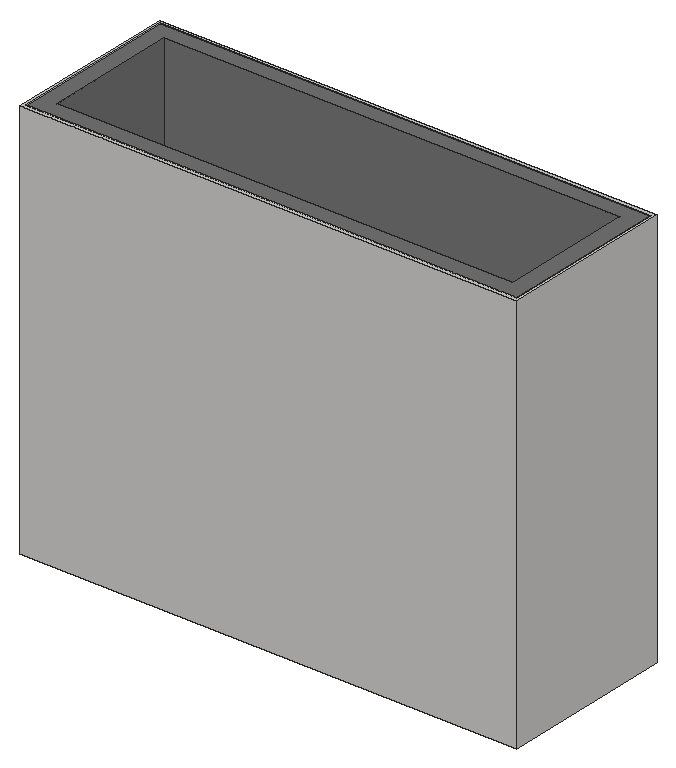
Revit family "90001023_BIM File", category Pipe Accessories, host Face, Revit 2023
Family settings
  Host = Face
  Round Connector Dimension = Use Diameter
  Part Type = Normal
  Cut with Voids When Loaded = No
  Shared = No
Parameters (values of type "90001025")
  URL = "https://www.airflow.com"
  Type IFC Predefined Type = "USERDEFINED"
  Type Comments = "Vent Duct Fire Sleeve"
  Rectangular = yes
  R_Offset = 0.0 mm
  R_Length = 180.0 mm
  ProjectionFromFace [instance] = 5.0 mm
  Export Type to IFC As = "IfcBuildingElementProxyType"
  Circular = no
  SpaceRequired = 9.0 mm
  _DistributedBy = "Airflow"
  _CurrentRevision = 1
  _CreatedBy = "Airflow"
  _BimSpecGuid = 0
  _BSBibleVersion = 16
  _AuthorizedBy = "Airflow"
  _Author = "AM"
  WarrantyStartDate = "Please Record On Commissioning."
  WarrantyGuarantorParts = "info@aiflow.com"
  WarrantyGuarantorLabor = "info@airflow.com"
  WarrantyDurationUnit = "Year"
  WarrantyDurationParts = "0"
  WarrantyDurationLabor = "0"
  WarrantyDescription = "n/a"
  TypeName = Type Comments  # "Vent Duct Fire Sleeve"
  SpareParts = "n/a"
  Size = "230mm x 85mm x 180mm"
  ShellMaterial = Airflow - Galvanised Steel
  Shape = "Rectangular"
  SerialNumber = "Please Record On Commissioning."
  ReplacementCost = "0"
  ReferencedStandard = "Tested to BSEN 1366-3: 2009 Classified according to EN 13501-2: 2007 + A1: 2009"
  OuterSleeveRadius = DuctRadius + SpaceRequired  # 111.5 mm
  Model = "90001025"
  Manufacturer = "Airflow"
  Keynote = "Z12"
  IntumescentMaterial = Airflow - Intumescent Material
  C_Offset = 20.0 mm
  Length = 180.0 mm
  InnerSleeveRadius = DuctRadius + SpaceRequired - 1.5 mm  # 110.0 mm
  FireRating = "120 minutes"
  DuctWidth = 205.0 mm
  DuctSize = "205 x 60mm"
  DuctRadius = DuctWidth / 2  # 102.5 mm
  DuctODRadius [instance] = DuctOD / 2  # 75.0 mm
  DuctOD [instance] = 150.0 mm
  DuctHeight = 60.0 mm
  Description = "205x 60 Rectangular Double Ended Fire Sleeve"
  C_Length = 5.0 mm
  Assembly Code = ""
  ApertureRadius = ApertureWidth / 2  # 112.5 mm
  ApertureHeight = 80.0 mm
  ApertureWidth = 225.0 mm
  ProductionYear = "2019"
  NominalLength = Length  # 180.0 mm
  NominalHeight = DuctHeight + (SpaceRequired * 2)  # 78.0 mm
  NominalDepth = DuctWidth + (SpaceRequired * 2)  # 223.0 mm
  NBSReference = "90-10-60/405"
  NBSOfficeMasterTag = "n/a"
  NBSObjectName = "Airflow - Pipe sleeves"
  NBSNote = "n/a"
  NBSDescription = "Pipe sleeves"
  ModelReference = Type Comments  # "Vent Duct Fire Sleeve"
  Material = "Intumescent"
  ManufacturerName = "Airflow"
  InstallationDate = "Please Record On Commissioning."
  IfcExportType = "USERDEFINED"
  IfcExportAs = "IfcBuildingElementProxyType"
  Grade = "n/a"
  Finish = "Galvanised Steel"
  Features = "n/a"
  ExpectedLife = 0
  DurationUnit = "Year"
  DocumentationTechnical = "https://www.airflow.com/product/intumescent-range/90001025"
  DocumentationInstallationGuide = "https://www.airflow.com/product/intumescent-range/90001025"
  Default Elevation = 0.0 mm
  CreatedOn = "2019-10-03 T09:00:00"
  CreatedBy = "Airflow"
  Constituents = "n/a"
  Color = "Metal"
  CodePerformance = "n/a"
  ClassificationValue = "Pr_65_52_61_15"
  ClassificationName = "Uniclass2015"
  BarCode = "Please Record On Commissioning."
  BIMObjectName = "90001025_BIM File"
  AssetType = "Fixed"
  AssetIdentifier = "Please Record On Commissioning."
  AccessibilityPerformance = "n/a"
Types (3, lengths in mm): name | Type Comments | Rectangular | R_Offset | R_Length | Circular | SpaceRequired | WarrantyGuarantorParts | TypeName | Size | Shape | OuterSleeveRadius | Model | Keynote | C_Offset | Length | InnerSleeveRadius | DuctWidth | DuctSize | DuctRadius | DuctODRadius | DuctOD | DuctHeight | Description | C_Length | ApertureRadius | ApertureHeight | ApertureWidth | NominalLength | NominalHeight | NominalDepth | NBSObjectName | ModelReference | DocumentationTechnical | DocumentationInstallationGuide | BIMObjectName
  90001022 | "Vent Duct Fire Sleeve" | no | 20.0 | 5.0 | yes | 10.0 | "info@airflow.com" | "Vent Duct Fire Sleeve" | "Ø95mm x 140mm" | "Cylindrical" | 47.5 | "90001022" | 0.0 | 0.0 | 140.0 | 46.0 | 75.0 | "Ø 75mm" | 37.5 | 37.5 | 75.0 | 75.0 | "Fire Sleeve 75mm Diameter Double Ended" | 140.0 | 48.5 | 97.0 | 97.0 | 140.0 | 95.0 | 95.0 | "75mm Double Ended Fire Sleeve" | "Vent Duct Fire Sleeve" | "https://www.airflow.com/product/all/90001022?description=90001022" | "https://www.airflow.com/product/all/90001022?description=90001022" | "90001022_BIM File"
  90001023 | "Duct Fire Sleeve" | no | 20.0 | 10.0 | yes | 10.0 | "info@airflow.com" | "Duct Fire Sleeve" | "Ø133mm x 180mm" | "Cylindrical" | 60.0 | "90001023" | "Z12" | 0.0 | 180.0 | 58.5 | 100.0 | "Ø 100mm" | 50.0 | 50.0 | 100.0 | 100.0 | "Fire Sleeve 100mm Diameter Double Ended" | 180.0 | 65.0 | 130.0 | 130.0 | 180.0 | 120.0 | 120.0 | "Airflow - Pipe sleeves" | "Duct Fire Sleeve" | "https://www.airflow.com/product/intumescent-range/90001023" | "https://www.airflow.com/product/intumescent-range/90001023" | "90001023_BIM File"
  90001025 | "Vent Duct Fire Sleeve" | yes | 0.0 | 180.0 | no | 9.0 | "info@aiflow.com" | "Vent Duct Fire Sleeve" | "230mm x 85mm x 180mm" | "Rectangular" | 111.5 | "90001025" | "Z12" | 20.0 | 180.0 | 110.0 | 205.0 | "205 x 60mm" | 102.5 | 75.0 | 150.0 | 60.0 | "205x 60 Rectangular Double Ended Fire Sleeve" | 5.0 | 112.5 | 80.0 | 225.0 | 180.0 | 78.0 | 223.0 | "Airflow - Pipe sleeves" | "Vent Duct Fire Sleeve" | "https://www.airflow.com/product/intumescent-range/90001025" | "https://www.airflow.com/product/intumescent-range/90001025" | "90001025_BIM File"
Reference planes
  plane 1 "Center (Front/Back)": y = 0
  plane 2: z = 0
  plane 3 "Center (Left/Right)": x = 0
  plane 4: x = -102.5
  plane 5: y = -30
  plane 6: y = 30
  plane 7: x = 102.5
  plane 8: x = -112.5
  plane 9: x = 112.5
  plane 10: y = 40
  plane 11: y = -40
  plane 12: x = -111.5
  plane 13: y = 39
  plane 14: x = 111.5
  plane 15: y = -39
  plane 16: x = -110
  plane 17: y = 37.5
  plane 18: y = -37.5
  plane 19: x = 110
Forms (mm)
  Extrusion 1, solid, material "Airflow - Intumescent Material" <- "IntumescentMaterial", visible <- "Circular"
    sketch origin (-1524, -4572, 5) x (-1, 0, 0) y (0, -1, 0)
      loop
        circle (-1524, -4572) r 75
      loop
        circle (-1524, -4572) r 110
    from 15 to 20
  Extrusion 2, solid, material "Airflow - Galvanised Steel" <- "ShellMaterial", visible <- "Circular"
    sketch origin (-1524, -4572, 5) x (-1, 0, 0) y (0, -1, 0)
      loop
        circle (-1524, -4572) r 110
      loop
        circle (-1524, -4572) r 111.5
    from 15 to 20
  Extrusion 3, void
    sketch origin (-1524, -4572, 5) x (-1, 0, 0) y (0, -1, 0)
      loop
        circle (-1524, -4572) r 112.5
    from 15 to 20
  Extrusion 4, void
    sketch origin (-1524, -4572, 5) x (-1, 0, 0) y (0, -1, 0)
      loop
        line (-1411.5, -4612) -> (-1411.5, -4532) -> (-1636.5, -4532) -> (-1636.5, -4612) -> (-1411.5, -4612)
    from -180 to 0
  Extrusion 5, solid, material "Airflow - Galvanised Steel", visible <- "Rectangular"
    sketch origin (-1524, -4572, 5) x (-1, 0, 0) y (0, -1, 0)
      loop
        line (-1412.5, -4611) -> (-1412.5, -4533) -> (-1635.5, -4533) -> (-1635.5, -4611) -> (-1412.5, -4611)
      loop
        line (-1414, -4609.5) -> (-1414, -4534.5) -> (-1634, -4534.5) -> (-1634, -4609.5) -> (-1414, -4609.5)
    from -180 to 0
  Extrusion 6, solid, material "Airflow - Intumescent Material", visible <- "Rectangular"
    sketch origin (-1524, -4572, 5) x (-1, 0, 0) y (0, -1, 0)
      loop
        line (-1414, -4609.5) -> (-1414, -4534.5) -> (-1634, -4534.5) -> (-1634, -4609.5) -> (-1414, -4609.5)
      loop
        line (-1421.5, -4602) -> (-1421.5, -4542) -> (-1626.5, -4542) -> (-1626.5, -4602) -> (-1421.5, -4602)
    from -180 to 0
Lines and regions (mm)
  reference lines
    curve 1: line (112.5, 0, 20) -> (-112.5, 0, 20)
    curve 2: line (112.5, 0, 25) -> (-112.5, 0, 25)
    curve 3: line (112.5, 0, 20) -> (-112.5, 0, 20)
    curve 4: line (132.5, 0, 0) -> (-132.5, 0, 0)
    curve 5: line (132.5, 0, 5) -> (-132.5, 0, 5)
    curve 6: line (132.5, 0, -175) -> (-132.5, 0, -175)
Dimensions and locks
  equal spacing: plane 5, plane 1 "Center (Front/Back)", plane 6
  "DuctHeight": plane 5 to plane 6
  equal spacing: plane 4, plane 3 "Center (Left/Right)", plane 7
  "DuctWidth": plane 4 to plane 7
  equal spacing: plane 11, plane 1 "Center (Front/Back)", plane 10
  "ApertureHeight": plane 11 to plane 10
  equal spacing: plane 8, plane 3 "Center (Left/Right)", plane 9
  "ApertureWidth": plane 8 to plane 9
  "SpaceRequired": plane 7 to plane 14
  "SpaceRequired": plane 12 to plane 4
  "SpaceRequired": plane 5 to plane 15
  "SpaceRequired": plane 6 to plane 13
  locked: plane 12 to plane 16 at 1.5
  locked: plane 19 to plane 14 at 1.5
  locked: plane 17 to plane 13 at 1.5
  locked: plane 18 to plane 15 at 1.5
  "C_Offset": curve 1 to level
  "ProjectionFromFace": curve 2 to curve 1
  "C_Length": curve 2 to curve 3
  "R_Offset": curve 4 to level
  "ProjectionFromFace": curve 5 to curve 4
  "R_Length": curve 5 to curve 6
  "DuctODRadius": radius of Extrusion 1 sketch curve
  "InnerSleeveRadius": radius of Extrusion 1 sketch curve
  "InnerSleeveRadius": radius of Extrusion 2 sketch curve
  "OuterSleeveRadius": radius of Extrusion 2 sketch curve
  "ApertureRadius": radius of Extrusion 3 sketch curve
  aligned and locked: host face to plane 2
  aligned and locked: host face to level
  aligned and locked: plane 1 "Center (Front/Back)" to Extrusion 1 sketch curve  (x2)
  aligned and locked: plane 3 "Center (Left/Right)" to Extrusion 1 sketch curve  (x2)
  aligned and locked: plane 1 "Center (Front/Back)" to Extrusion 2 sketch curve  (x2)
  aligned and locked: plane 3 "Center (Left/Right)" to Extrusion 2 sketch curve  (x2)
  aligned and locked: plane 1 "Center (Front/Back)" to Extrusion 3 sketch curve
  aligned and locked: plane 3 "Center (Left/Right)" to Extrusion 3 sketch curve
  aligned and locked: curve 2 to Extrusion 2
  aligned and locked: Extrusion 2 to curve 3
  aligned and locked: curve 2 to Extrusion 1
  aligned and locked: Extrusion 1 to curve 3
  aligned and locked: curve 2 to Extrusion 3
  aligned and locked: Extrusion 3 to curve 3
  aligned and locked: plane 10 to Extrusion 4 sketch curve
  aligned and locked: plane 8 to Extrusion 4 sketch curve
  aligned and locked: Extrusion 4 sketch curve to plane 11
  aligned and locked: plane 9 to Extrusion 4 sketch curve
  aligned and locked: curve 5 to Extrusion 4
  aligned and locked: Extrusion 4 to curve 6
  aligned and locked: plane 13 to Extrusion 5 sketch curve
  aligned and locked: plane 12 to Extrusion 5 sketch curve
  aligned and locked: plane 15 to Extrusion 5 sketch curve
  aligned and locked: plane 14 to Extrusion 5 sketch curve
  aligned and locked: plane 17 to Extrusion 5 sketch curve
  aligned and locked: plane 16 to Extrusion 5 sketch curve
  aligned and locked: plane 18 to Extrusion 5 sketch curve
  aligned and locked: plane 19 to Extrusion 5 sketch curve
  aligned and locked: curve 5 to Extrusion 5
  aligned and locked: Extrusion 5 to curve 6
  aligned and locked: plane 17 to Extrusion 6 sketch curve
  aligned and locked: plane 16 to Extrusion 6 sketch curve
  aligned and locked: plane 18 to Extrusion 6 sketch curve
  aligned and locked: plane 19 to Extrusion 6 sketch curve
  aligned and locked: plane 6 to Extrusion 6 sketch curve
  aligned and locked: plane 4 to Extrusion 6 sketch curve
  aligned and locked: plane 5 to Extrusion 6 sketch curve
  aligned and locked: plane 7 to Extrusion 6 sketch curve
  aligned and locked: Extrusion 6 to curve 6
  aligned and locked: curve 5 to Extrusion 6
Automatic sketch dimensions
  host sketch curve to host sketch curve = 2438.4 mm  (x2)
  curve 1 to plane 8 = 0.0 mm
  curve 3 to plane 8 = 0.0 mm
  curve 2 to plane 8 = 0.0 mm
  plane 9 to curve 1 = 0.0 mm
  plane 9 to curve 3 = 0.0 mm
  plane 9 to curve 2 = 0.0 mm
  curve 5 to plane 8 = 20.0 mm
  curve 5 to curve 4 = 0.0 mm  (x2)
  curve 4 to curve 6 = 0.0 mm  (x2)
  curve 6 to plane 9 = 20.0 mm
